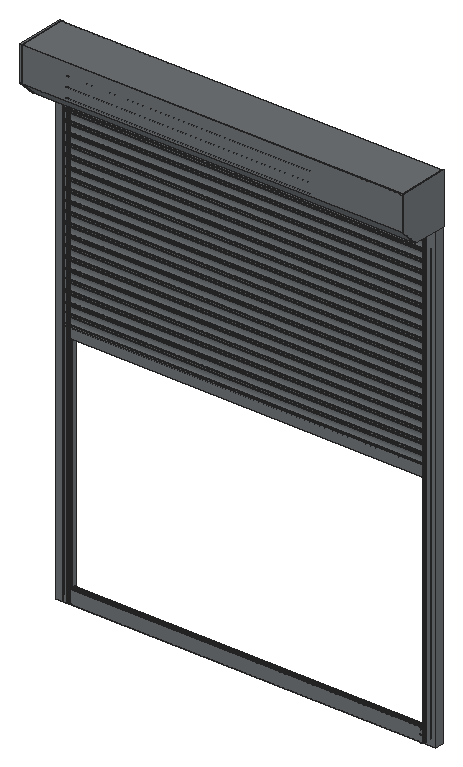
Revit family "Verano_RV40_GM_R21", category Generic Models, Revit 2021
Family settings
  Can host rebar = No
  Round Connector Dimension = Use Diameter
  Part Type = Normal
  Work Plane-Based = No
  Always vertical = Yes
  Cut with Voids When Loaded = No
  Shared = No
  Room Calculation Point = No
Parameters (values of type "RV40")
  Width Input [instance] = 1500 mm
  Width [instance] = Overall Width Constraint  # 1500 mm
  Warning - Width [instance] = if(or(Overall Width Constraint < Minimal Overall Width, Overall Width Constraint > Maximal Overall Width), 1 = 1, 1 = 0)  # no
  Warning - Size [instance] = if(and(Overall Height Constraint > 1300 mm, Overall Height Constraint < 1400 mm), 1 = 1, if(and(Overall Height Constraint > 1700 mm, Overall Height Constraint < 1800 mm), 1 = 1, if(and(Overall Height Constraint > 2100 mm, Overall Height Constraint < 2200 mm), 1 = 1, 1 = 0)))  # no
  Warning - Height [instance] = if(or(Overall Height Constraint < Minimal Overall Height, Overall Height Constraint > Maximal Overall Height), 1 = 1, 1 = 0)  # no
  URL = "https://verano.nl/catalogus/rolluiken"
  Overall Width Constraint [instance] = if(Width Input < Minimal Overall Width, Minimal Overall Width, if(Width Input > Maximal Overall Width, Maximal Overall Width, Width Input))  # 1500 mm
  Wall Offset [instance] = if(RAIL TYPE = 1, 12 mm, if(RAIL TYPE = 2, 20 mm, 50 mm))  # 12 mm
  Rail Length [instance] = Overall Height Constraint - 170 mm  # 1830 mm
  Rail Center [instance] = Wall Offset + 11 mm  # 23 mm
  RAIL TYPE = 1
  Parapet Height [instance] = 800 mm
  Overall Height Constraint [instance] = if(Height Input < Minimal Overall Height, Minimal Overall Height, if(Height Input > Maximal Overall Height, Maximal Overall Height, Height Input))  # 2000 mm
  Height Excluding Box [instance] = Overall Height Constraint - Box Size  # 1820 mm
  Closing Percentage Input ( 0-100%) [instance] = 50
  Number of Lamellen [instance] = (Closeness - 40 mm) / 40 mm + 1  # 22
  Note = "Handbediend of elektrisch"
  Model = "RV40"
  Minimal Overall Width [instance] = 1000 mm  # constant formula
  Minimal Overall Height [instance] = 1000 mm  # constant formula
  Maximal Overall Width [instance] = 3700 mm  # constant formula
  Maximal Overall Height [instance] = 3000 mm  # constant formula
  Manufacturer = "Verano Systems"
  Lamellen Width [instance] = Overall Width Constraint - 2 * 30 mm  # 1440 mm
  Single Lamelle Dimensions [instance] = "Width [40mm] * Thickness [8.7mm]"
  Hor. Rail Length [instance] = Overall Width Constraint - 2 * 53 mm  # 1394 mm
  Height Input [instance] = 2000 mm
  Height [instance] = Overall Height Constraint  # 2000 mm
  HWL 25 = RAIL TYPE = 2  # no
  HW 25 = RAIL TYPE = 1  # yes
  Frame Material [instance] = V_Antracite
  Default Elevation = 0 mm
  Closeness [instance] = (Rail Length - 40 mm) * [Closing Percentage Input ( 0-100%)] / 100  # 895 mm
  Cassette Width [instance] = Overall Width Constraint + 2 * 6 mm  # 1512 mm
  Cassette Height [instance] = 170 mm  # constant formula
  Box Size - 205 x 205 mm [instance] = if(Overall Height Constraint > 2199 mm, 1 = 1, 1 = 0)  # no
  Box Size - 180 x 180 mm [instance] = if(and(Overall Height Constraint > 1799 mm, Overall Height Constraint < 2101 mm), 1 = 1, 1 = 0)  # yes
  Box Size - 165 x 165 mm [instance] = if(and(Overall Height Constraint > 1399 mm, Overall Height Constraint < 1701 mm), 1 = 1, 1 = 0)  # no
  Box Size - 150 x 150 mm [instance] = if(Overall Height Constraint < 1301 mm, 1 = 1, 1 = 0)  # no
  Box Size [instance] = if([Box Size - 150 x 150 mm], 150 mm, if([Box Size - 165 x 165 mm], 165 mm, if([Box Size - 180 x 180 mm], 180 mm, 205 mm)))  # 180 mm
  Bottom Cassete Height [instance] = Parapet Height + Rail Length  # 2630 mm
Reference planes
  plane 1 "Center (Front/Back)": y = 0
  plane 2: z = 0
  plane 3 "Center (Left/Right)": x = 0
  plane 4: x = 750
  plane 5: x = -750
  plane 6: y = -23
  plane 7: z = 800
  plane 8 "Cassete Bottom": z = 2630
  plane 9: z = 1735
Dimensions and locks
  equal spacing: plane 5, plane 3 "Center (Left/Right)", plane 4
  "Overall Width Constraint": plane 5 to plane 4
  "Rail Center": plane 6 to plane 1 "Center (Front/Back)"
  "Parapet Height": plane 7 to plane 2
  "Rail Length": plane 8 "Cassete Bottom" to plane 7
  "Closeness": plane 8 "Cassete Bottom" to plane 9
  aligned and locked: level to plane 2
  aligned and locked: plane 4 to nested 1
  aligned and locked: plane 6 to nested 1
  aligned and locked: plane 5 to nested 2
  aligned and locked: nested 2 to plane 6
  aligned and locked: plane 4 to nested 3
  aligned and locked: plane 5 to nested 4
  aligned and locked: nested 4 to plane 6
  aligned and locked: plane 6 to nested 3
  aligned and locked: plane 4 to nested 5
  aligned and locked: plane 6 to nested 5
  aligned and locked: nested 6 to plane 6
  aligned and locked: plane 5 to nested 6
  aligned and locked: plane 3 "Center (Left/Right)" to nested 7
  aligned and locked: plane 6 to nested 7
  aligned and locked: plane 6 to nested 8
  aligned and locked: nested 8 to plane 9
  aligned and locked: plane 3 "Center (Left/Right)" to nested 8
  aligned and locked: plane 3 "Center (Left/Right)" to nested 9
  aligned and locked: plane 1 "Center (Front/Back)" to nested 9
  aligned and locked: plane 3 "Center (Left/Right)" to nested 10
  aligned and locked: plane 3 "Center (Left/Right)" to nested 11
  aligned and locked: plane 1 "Center (Front/Back)" to nested 11
  aligned and locked: plane 3 "Center (Left/Right)" to nested 12
  aligned and locked: plane 1 "Center (Front/Back)" to nested 12
Nested families
  nested 1: "HWL 25" at (750, -23, 800), visible <- "HWL 25", built-in parameter 1001360 <- "Parapet Height", type "HWL 25"
    with Length 1830 mm
  nested 2: "HWL 25" at (-750, -23, 800) x (-1, 0, 0) z (0, 0, 1), visible <- "HWL 25", built-in parameter 1001360 <- "Parapet Height", type "HWL 25"
    with Length 1830 mm
  nested 3: "H17" at (750, -23, 800), built-in parameter 1001360 <- "Parapet Height", type "H17", not visible
    with Length 1830 mm
  nested 4: "H17" at (-750, -23, 800) x (-1, 0, 0) z (0, 0, 1), built-in parameter 1001360 <- "Parapet Height", type "H17", not visible
    with Length 1830 mm
  nested 5: "HW 25" at (750, -23, 800), visible <- "HW 25", built-in parameter 1001360 <- "Parapet Height", type "HW 25"
    with Length 1830 mm
  nested 6: "HW 25" at (-750, -23, 800) x (-1, 0, 0) z (0, 0, 1), visible <- "HW 25", built-in parameter 1001360 <- "Parapet Height", type "HW 25"
    with Length 1830 mm
  nested 7: "H 25" at (0, -23, 800), built-in parameter 1001360 <- "Parapet Height", type "H 25"
    with Length 1394 mm
  nested 8: "Lamellen Array Grpup" at (0, -23, 1735), type "Lamellen Array Grpup"
    with Width 1440 mm, Number of Lamellen 22
  nested 9: "Box Size 150" at (0, 0, 2630), built-in parameter 1001360 <- "Bottom Cassete Height", visible <- "Box Size - 150 x 150 mm", type "Cassette_T1"
    with Length 1512 mm
  nested 10: "Box Size 165" at (0, 0, 2630), built-in parameter 1001360 <- "Bottom Cassete Height", visible <- "Box Size - 165 x 165 mm", type "Box Size 165"
    with Length 1512 mm
  nested 11: "Box Size 180" at (0, 0, 2630), visible <- "Box Size - 180 x 180 mm", built-in parameter 1001360 <- "Bottom Cassete Height", type "Box Size 180"
    with Length 1512 mm
  nested 12: "Box Size 205" at (0, 0, 2630), built-in parameter 1001360 <- "Bottom Cassete Height", visible <- "Box Size - 205 x 205 mm", type "Box Size 205"
    with Length 1512 mm
Definition of nested family "HWL 25"
  Parameters
    Length = 250 mm
    Frame Material = none
    Default Elevation = 0 mm
  Reference planes
    plane 1 "Center (Front/Back)": y = 0
    plane 2: z = 0
    plane 3 "Center (Left/Right)": x = 0
  Forms (mm)
    Extrusion 1, solid, material <- "Frame Material"
      sketch origin (0, 0, 0) x (1, 0, 0) y (0, 1, 0)
        loop
          line (0, 31) -> (-6.5, 31)
          arc (-6.5, 31) -> (-7, 30.5) -> (-6.5, 30) r 0.5
          line (-6.5, 30) -> (-1.5, 30)
          arc (-1.5, 30) -> (-1.146, 29.854) -> (-1, 29.5) r 0.5
          line (-1, 29.5) -> (-1, 12)
          arc (-1, 12) -> (-1.293, 11.293) -> (-2, 11) r 1
          line (-2, 11) -> (-51, 11)
          arc (-51, 11) -> (-51.707, 11.293) -> (-52, 12) r 1
          line (-52, 12) -> (-52, 29.5)
          arc (-52, 29.5) -> (-51.854, 29.854) -> (-51.5, 30) r 0.5
          line (-51.5, 30) -> (-46.5, 30)
          arc (-46.5, 30) -> (-46, 30.5) -> (-46.5, 31) r 0.5
          line (-46.5, 31) -> (-52.5, 31)
          arc (-52.5, 31) -> (-52.854, 30.854) -> (-53, 30.5) r 0.5
          line (-53, 30.5) -> (-53, 8.4)
          arc (-53, 8.4) -> (-52.707, 7.693) -> (-52, 7.4) r 1
          line (-52, 7.4) -> (-50, 7.4) -> (-50, 8.4) -> (-52, 8.4) -> (-52, 10) -> (-44, 10) -> (-44, 8.4) -> (-47, 8.4) -> (-47, 7.4) -> (-44, 7.4)
          arc (-44, 7.4) -> (-43.293, 7.693) -> (-43, 8.4) r 1
          line (-43, 8.4) -> (-43, 10) -> (-28, 10)
          arc (-28, 10) -> (-27.293, 9.707) -> (-27, 9) r 1
          line (-27, 9) -> (-27, -9)
          arc (-27, -9) -> (-27.293, -9.707) -> (-28, -10) r 1
          line (-28, -10) -> (-43, -10) -> (-43, -8.4)
          arc (-43, -8.4) -> (-43.293, -7.693) -> (-44, -7.4) r 1
          line (-44, -7.4) -> (-47, -7.4) -> (-47, -8.4) -> (-44, -8.4) -> (-44, -10) -> (-52, -10) -> (-52, -8.4) -> (-50, -8.4) -> (-50, -7.4) -> (-52, -7.4)
          arc (-52, -7.4) -> (-52.707, -7.693) -> (-53, -8.4) r 1
          line (-53, -8.4) -> (-53, -10)
          arc (-53, -10) -> (-52.707, -10.707) -> (-52, -11) r 1
          line (-52, -11) -> (0, -11) -> (0, 31)
      from 0 to 250 <- "Length"
  Dimensions and locks
    aligned and locked: level to plane 2
    aligned and locked: Extrusion 1 sketch curve to plane 3 "Center (Left/Right)"
Definition of nested family "H17"
  Parameters
    Length = 250 mm
    Frame Material = none
    Default Elevation = 0 mm
  Reference planes
    plane 1 "Center (Front/Back)": y = 0
    plane 2: z = 0
    plane 3 "Center (Left/Right)": x = 0
  Forms (mm)
    Extrusion 1, solid, material <- "Frame Material"
      sketch origin (0, 0, 0) x (1, 0, 0) y (0, 1, 0)
        loop
          line (0, 11) -> (-44, 11)
          arc (-44, 11) -> (-44.707, 10.707) -> (-45, 10) r 1
          line (-45, 10) -> (-45, 8.4)
          arc (-45, 8.4) -> (-44.707, 7.693) -> (-44, 7.4) r 1
          line (-44, 7.4) -> (-42, 7.4) -> (-42, 8.4) -> (-44, 8.4) -> (-44, 10) -> (-36, 10) -> (-36, 8.4) -> (-39, 8.4) -> (-39, 7.4) -> (-36, 7.4)
          arc (-36, 7.4) -> (-35.293, 7.693) -> (-35, 8.4) r 1
          line (-35, 8.4) -> (-35, 10) -> (-28, 10)
          arc (-28, 10) -> (-27.293, 9.707) -> (-27, 9) r 1
          line (-27, 9) -> (-27, -9)
          arc (-27, -9) -> (-27.293, -9.707) -> (-28, -10) r 1
          line (-28, -10) -> (-35, -10) -> (-35, -8.4)
          arc (-35, -8.4) -> (-35.293, -7.693) -> (-36, -7.4) r 1
          line (-36, -7.4) -> (-39, -7.4) -> (-39, -8.4) -> (-36, -8.4) -> (-36, -10) -> (-44, -10) -> (-44, -8.4) -> (-42, -8.4) -> (-42, -7.4) -> (-44, -7.4)
          arc (-44, -7.4) -> (-44.707, -7.693) -> (-45, -8.4) r 1
          line (-45, -8.4) -> (-45, -10)
          arc (-45, -10) -> (-44.707, -10.707) -> (-44, -11) r 1
          line (-44, -11) -> (0, -11) -> (0, 11)
      from 0 to 250 <- "Length"
  Dimensions and locks
    aligned and locked: level to plane 2
Definition of nested family "HW 25"
  Parameters
    Length = 250 mm
    Frame Material = none
    Default Elevation = 0 mm
  Reference planes
    plane 1 "Center (Front/Back)": y = 0
    plane 2: z = 0
    plane 3 "Center (Left/Right)": x = 0
  Forms (mm)
    Extrusion 1, solid, material <- "Frame Material"
      sketch origin (0, 0, 0) x (1, 0, 0) y (0, 1, 0)
        loop
          line (0, 23) -> (-6.5, 23)
          arc (-6.5, 23) -> (-7, 22.5) -> (-6.5, 22) r 0.5
          line (-6.5, 22) -> (-1.5, 22)
          arc (-1.5, 22) -> (-1.146, 21.854) -> (-1, 21.5) r 0.5
          line (-1, 21.5) -> (-1, 12)
          arc (-1, 12) -> (-1.293, 11.293) -> (-2, 11) r 1
          line (-2, 11) -> (-51, 11)
          arc (-51, 11) -> (-51.707, 11.293) -> (-52, 12) r 1
          line (-52, 12) -> (-52, 21.5)
          arc (-52, 21.5) -> (-51.854, 21.854) -> (-51.5, 22) r 0.5
          line (-51.5, 22) -> (-46.5, 22)
          arc (-46.5, 22) -> (-46, 22.5) -> (-46.5, 23) r 0.5
          line (-46.5, 23) -> (-53, 23) -> (-53, 8.4)
          arc (-53, 8.4) -> (-52.707, 7.693) -> (-52, 7.4) r 1
          line (-52, 7.4) -> (-50, 7.4) -> (-50, 8.4) -> (-52, 8.4) -> (-52, 10) -> (-44, 10) -> (-44, 8.4) -> (-47, 8.4) -> (-47, 7.4) -> (-44, 7.4)
          arc (-44, 7.4) -> (-43.293, 7.693) -> (-43, 8.4) r 1
          line (-43, 8.4) -> (-43, 10) -> (-28, 10)
          arc (-28, 10) -> (-27.293, 9.707) -> (-27, 9) r 1
          line (-27, 9) -> (-27, -9)
          arc (-27, -9) -> (-27.293, -9.707) -> (-28, -10) r 1
          line (-28, -10) -> (-43, -10) -> (-43, -8.4)
          arc (-43, -8.4) -> (-43.293, -7.693) -> (-44, -7.4) r 1
          line (-44, -7.4) -> (-47, -7.4) -> (-47, -8.4) -> (-44, -8.4) -> (-44, -10) -> (-52, -10) -> (-52, -8.4) -> (-50, -8.4) -> (-50, -7.4) -> (-52, -7.4)
          arc (-52, -7.4) -> (-52.707, -7.693) -> (-53, -8.4) r 1
          line (-53, -8.4) -> (-53, -10)
          arc (-53, -10) -> (-52.707, -10.707) -> (-52, -11) r 1
          line (-52, -11) -> (0, -11) -> (0, 23)
      from 0 to 250 <- "Length"
  Dimensions and locks
    aligned and locked: level to plane 2
    aligned and locked: Extrusion 1 sketch curve to plane 3 "Center (Left/Right)"
Definition of nested family "H 25"
  Parameters
    Length = 1000 mm
    Frame Material = none
    Default Elevation = 0 mm
  Reference planes
    plane 1 "Center (Front/Back)": y = 0
    plane 2: z = 0
    plane 3 "Center (Left/Right)": x = 0
    plane 4: x = 500
    plane 5: x = -500
  Forms (mm)
    Extrusion 1, solid, material <- "Frame Material"
      sketch origin (0, 0, 0) x (0, 1, 0) y (0, 0, 1)
        loop
          arc (-11, 0.5) -> (-10.854, 0.146) -> (-10.5, 0) r 0.5
          line (-10.5, 0) -> (10.5, 0)
          arc (10.5, 0) -> (10.854, 0.146) -> (11, 0.5) r 0.5
          line (11, 0.5) -> (11, 52)
          arc (11, 52) -> (10.707, 52.707) -> (10, 53) r 1
          line (10, 53) -> (8.4, 53)
          arc (8.4, 53) -> (7.693, 52.707) -> (7.4, 52) r 1
          line (7.4, 52) -> (7.4, 50) -> (8.4, 50) -> (8.4, 52) -> (10, 52) -> (10, 44) -> (8.4, 44) -> (8.4, 47) -> (7.4, 47) -> (7.4, 44)
          arc (7.4, 44) -> (7.693, 43.293) -> (8.4, 43) r 1
          line (8.4, 43) -> (10, 43) -> (10, 28)
          arc (10, 28) -> (9.707, 27.293) -> (9, 27) r 1
          line (9, 27) -> (-9, 27)
          arc (-9, 27) -> (-9.707, 27.293) -> (-10, 28) r 1
          line (-10, 28) -> (-10, 43) -> (-8.4, 43)
          arc (-8.4, 43) -> (-7.693, 43.293) -> (-7.4, 44) r 1
          line (-7.4, 44) -> (-7.4, 47) -> (-8.4, 47) -> (-8.4, 44) -> (-10, 44) -> (-10, 52) -> (-8.4, 52) -> (-8.4, 50) -> (-7.4, 50) -> (-7.4, 52)
          arc (-7.4, 52) -> (-7.693, 52.707) -> (-8.4, 53) r 1
          line (-8.4, 53) -> (-10, 53)
          arc (-10, 53) -> (-10.707, 52.707) -> (-11, 52) r 1
          line (-11, 52) -> (-11, 0.5)
      from -500 to 500
  Dimensions and locks
    equal spacing: plane 5, plane 3 "Center (Left/Right)", plane 4
    "Length": plane 5 to plane 4
    aligned and locked: level to plane 2
    aligned and locked: Extrusion 1 to plane 5
    aligned and locked: plane 4 to Extrusion 1
  Automatic sketch dimensions
    Extrusion 1 sketch curve to level = 0 mm
    level to Extrusion 1 sketch curve = 0.5 mm
    plane 1 "Center (Front/Back)" to Extrusion 1 sketch curve = 11 mm
    Extrusion 1 sketch curve to Extrusion 1 sketch curve = 1 mm  (x9)
    plane 1 "Center (Front/Back)" to Extrusion 1 sketch curve = 10 mm
    Extrusion 1 sketch curve to Extrusion 1 sketch curve = 0 mm  (x10)
    Extrusion 1 sketch curve to Extrusion 1 sketch curve = 1.6 mm  (x3)
    Extrusion 1 sketch curve to plane 1 "Center (Front/Back)" = 7.4 mm
    Extrusion 1 sketch curve to plane 1 "Center (Front/Back)" = 9 mm
    Extrusion 1 sketch curve to plane 1 "Center (Front/Back)" = 10.5 mm
    Extrusion 1 sketch curve to Extrusion 1 sketch curve = 26.5 mm
    Extrusion 1 sketch curve to Extrusion 1 sketch curve = 15 mm  (x2)
    Extrusion 1 sketch curve to Extrusion 1 sketch curve = 3 mm  (x4)
    Extrusion 1 sketch curve to Extrusion 1 sketch curve = 2 mm  (x2)
Definition of nested family "Lamellen Array Grpup"
  Parameters (values of type "Lamellen Array Grpup")
    Width = 1000 mm
    Number of Lamellen = 10
    Frame Material = none
    Default Elevation = 0 mm
  Reference planes
    plane 1 "Center (Front/Back)": y = 0
    plane 2: z = 0
    plane 3 "Center (Left/Right)": x = 0
    plane 4: x = 500
    plane 5: x = -500
    plane 6 "1": z = 40
    plane 7: z = 80
  Forms (mm)
    Extrusion 1, solid, material <- "Frame Material"
      sketch origin (0, 0, 0) x (0, 1, 0) y (0, 0, 1)
        loop
          line (-5, 35) -> (-5, 40) -> (-6, 40) -> (-6, 0) -> (6, 0) -> (6, 40) -> (5, 40) -> (5, 35) -> (-5, 35)
      from -500 to 500
  Dimensions and locks
    equal spacing: plane 5, plane 3 "Center (Left/Right)", plane 4
    "Width": plane 5 to plane 4
    locked: plane 6 "1" to level at 40
    locked: plane 7 to plane 6 "1" at 40
    equal spacing: group 1, group 2, group 3, group 4, group 5, group 6, group 7, group 8, group 9, group 10  (x3)
    aligned and locked: level to plane 2
    aligned and locked: Extrusion 1 to plane 5
    aligned and locked: plane 4 to Extrusion 1
    aligned and locked: plane 3 "Center (Left/Right)" to nested 1
    aligned and locked: plane 1 "Center (Front/Back)" to nested 1
    aligned and locked: plane 1 "Center (Front/Back)" to nested 2
    aligned and locked: plane 3 "Center (Left/Right)" to nested 2
  Automatic sketch dimensions
    plane 1 "Center (Front/Back)" to Extrusion 1 sketch curve = 5 mm
    Extrusion 1 sketch curve to Extrusion 1 sketch curve = 1 mm  (x2)
    Extrusion 1 sketch curve to plane 1 "Center (Front/Back)" = 5 mm
    Extrusion 1 sketch curve to plane 6 "1" = 5 mm
    Extrusion 1 sketch curve to plane 6 "1" = 0 mm  (x2)
    Extrusion 1 sketch curve to level = 0 mm
  Nested families
    nested 1: "Lamelle_T1" at (0, 0, 40), type "Lamelle_T1"
    nested 2: "Lamelle_T1" at (0, 0, 80), type "Lamelle_T1"
    nested 3: "Lamelle_T1" at (0, 0, 120), type "Lamelle_T1"
    nested 4: "Lamelle_T1" at (0, 0, 160), type "Lamelle_T1"
    nested 5: "Lamelle_T1" at (0, 0, 200), type "Lamelle_T1"
    nested 6: "Lamelle_T1" at (0, 0, 240), type "Lamelle_T1"
    nested 7: "Lamelle_T1" at (0, 0, 280), type "Lamelle_T1"
    nested 8: "Lamelle_T1" at (0, 0, 320), type "Lamelle_T1"
    nested 9: "Lamelle_T1" at (0, 0, 360), type "Lamelle_T1"
    nested 10: "Lamelle_T1" at (0, 0, 400), type "Lamelle_T1"
  Definition of nested family "Lamelle_T1"
    Parameters
      Length = 1000 mm
      Frame Material = none
      Default Elevation = 0 mm
    Reference planes
      plane 1 "Center (Front/Back)": y = 0
      plane 2: z = 0
      plane 3 "Center (Left/Right)": x = 0
      plane 4: x = 500
      plane 5: x = -500
      plane 6: x = -497
      plane 7: x = 497
    Forms (mm)
      Extrusion 1, solid, material <- "Frame Material"
        sketch origin (0, 0, 40) x (0, 1, 0) y (0, 0, 1)
          loop
            arc (-3.751, -5.712) -> (-0.139, -20.012) -> (-3.336, -34.41) r 31.944
            arc (-3.336, -34.41) -> (-4.398, -38.817) -> (-4.309, -43.35) r 17.765
            arc (-4.309, -43.35) -> (-3.146, -44.057) -> (-1.876, -43.568) r 1.543
            arc (-1.876, -43.568) -> (-1.917, -42.846) -> (-2.637, -42.916) r 0.501
            arc (-2.637, -42.916) -> (-3.051, -43.061) -> (-3.437, -42.853) r 0.543
            arc (-3.437, -42.853) -> (-3.797, -42.238) -> (-3.983, -41.549) r 2.696
            arc (-3.983, -41.549) -> (-3.924, -39.095) -> (-3.517, -36.675) r 17.265
            arc (-3.517, -36.675) -> (-2.672, -36.121) -> (-1.688, -35.892) r 2.887
            arc (-1.688, -35.892) -> (1.008, -36.932) -> (2.245, -39.543) r 3.892
            arc (2.245, -39.543) -> (2.126, -41.68) -> (1.763, -43.788) r 18.72
            arc (1.763, -43.788) -> (1.953, -44.129) -> (2.342, -44.147) r 0.401
            arc (2.342, -44.147) -> (4.882, -24.446) -> (3.377, -4.639) r 97.477
            line (3.377, -4.639) -> (2.362, -4.639)
            arc (2.362, -4.639) -> (1.655, -4.346) -> (1.362, -3.639) r 1
            line (1.362, -3.639) -> (1.362, -0.048)
            arc (1.362, -0.048) -> (-0.976, 2.362) -> (-3.362, 0) r 2.362
            arc (-3.362, 0) -> (-2.862, -0.5) -> (-2.362, 0) r 0.5
            arc (-2.362, 0) -> (-0.982, 1.362) -> (0.362, -0.037) r 1.362
            line (0.362, -0.037) -> (0.362, -4.349)
            arc (0.362, -4.349) -> (-1.483, -4.396) -> (-3.329, -4.418) r 137.986
            arc (-3.329, -4.418) -> (-3.95, -4.931) -> (-3.751, -5.712) r 0.752
        from -497 to 497
    Dimensions and locks
      equal spacing: plane 5, plane 3 "Center (Left/Right)", plane 4
      "Length": plane 5 to plane 4
      locked: plane 7 to plane 4 at 3
      locked: plane 5 to plane 6 at 3
      aligned and locked: level to plane 2
      aligned and locked: Extrusion 1 to plane 6
      aligned and locked: plane 7 to Extrusion 1
    Automatic sketch dimensions
      Extrusion 1 sketch curve to Extrusion 1 sketch curve = 0 mm  (x7)
      level to Extrusion 1 sketch curve = 40 mm
      level to Extrusion 1 sketch curve = 18.107 mm
      plane 1 "Center (Front/Back)" to Extrusion 1 sketch curve = 92.561 mm
      level to Extrusion 1 sketch curve = 19.526 mm
      plane 1 "Center (Front/Back)" to Extrusion 1 sketch curve = 32.08 mm
      plane 1 "Center (Front/Back)" to Extrusion 1 sketch curve = 16.475 mm
      plane 1 "Center (Front/Back)" to Extrusion 1 sketch curve = 4.074 mm
      plane 1 "Center (Front/Back)" to Extrusion 1 sketch curve = 3.235 mm
      plane 1 "Center (Front/Back)" to Extrusion 1 sketch curve = 3.008 mm
      Extrusion 1 sketch curve to Extrusion 1 sketch curve = 0.765 mm
      plane 1 "Center (Front/Back)" to Extrusion 1 sketch curve = 1.64 mm
      Extrusion 1 sketch curve to Extrusion 1 sketch curve = 0.104 mm
      plane 1 "Center (Front/Back)" to Extrusion 1 sketch curve = 1.31 mm
      plane 1 "Center (Front/Back)" to Extrusion 1 sketch curve = 1 mm
      Extrusion 1 sketch curve to plane 1 "Center (Front/Back)" = 0.362 mm
      Extrusion 1 sketch curve to Extrusion 1 sketch curve = 1 mm  (x2)
      Extrusion 1 sketch curve to plane 1 "Center (Front/Back)" = 2.164 mm
      Extrusion 1 sketch curve to Extrusion 1 sketch curve = 1.015 mm
      Extrusion 1 sketch curve to Extrusion 1 sketch curve = 11.099 mm
      Extrusion 1 sketch curve to Extrusion 1 sketch curve = 18.302 mm
      Extrusion 1 sketch curve to Extrusion 1 sketch curve = 0.796 mm
      Extrusion 1 sketch curve to Extrusion 1 sketch curve = 1.009 mm
      Extrusion 1 sketch curve to Extrusion 1 sketch curve = 1.964 mm
      Extrusion 1 sketch curve to Extrusion 1 sketch curve = 1.412 mm
      Extrusion 1 sketch curve to Extrusion 1 sketch curve = 1.323 mm
      Extrusion 1 sketch curve to Extrusion 1 sketch curve = 0.708 mm
      Extrusion 1 sketch curve to Extrusion 1 sketch curve = 2.592 mm
      level to Extrusion 1 sketch curve = 34.835 mm
      level to Extrusion 1 sketch curve = 35.361 mm
      Extrusion 1 sketch curve to Extrusion 1 sketch curve = 0.71 mm
      level to Extrusion 1 sketch curve = 173.566 mm
      Extrusion 1 sketch curve to Extrusion 1 sketch curve = 1.301 mm
      Extrusion 1 sketch curve to Extrusion 1 sketch curve = 0.975 mm
      Extrusion 1 sketch curve to Extrusion 1 sketch curve = 0.516 mm
      Extrusion 1 sketch curve to Extrusion 1 sketch curve = 1.981 mm
      Extrusion 1 sketch curve to Extrusion 1 sketch curve = 0.429 mm
      Extrusion 1 sketch curve to Extrusion 1 sketch curve = 0.181 mm
      Extrusion 1 sketch curve to Extrusion 1 sketch curve = 0.094 mm
      Extrusion 1 sketch curve to Extrusion 1 sketch curve = 0.393 mm
      plane 1 "Center (Front/Back)" to Extrusion 1 sketch curve = 1.688 mm
      Extrusion 1 sketch curve to Extrusion 1 sketch curve = 0.401 mm
      Extrusion 1 sketch curve to Extrusion 1 sketch curve = 1.862 mm
      level to Extrusion 1 sketch curve = 39.952 mm
      level to Extrusion 1 sketch curve = 39.963 mm
Definition of nested family "Box Size 150"
  Parameters (values of type "Cassette_T1")
    Length = 2000 mm
    Rail Center = 23 mm
    Frame Material = none
    Default Elevation = 0 mm
  Reference planes
    plane 1 "Center (Front/Back)": y = 0
    plane 2: z = 0
    plane 3 "Center (Left/Right)": x = 0
    plane 4: x = -1000
    plane 5: x = 1000
    plane 6: y = -23
    plane 7: x = 994
    plane 8: x = -994
  Forms (mm)
    Extrusion 1, solid, material <- "Frame Material"
      sketch origin (0, 0, 0) x (0, 1, 0) y (0, 0, 1)
        loop
          line (-51, 0) -> (-51, 6) -> (-13, 6) -> (-13, 2.5) -> (-5.5, 2.5) -> (-5.5, 166.5)
          arc (-5.5, 166.5) -> (-6.086, 167.914) -> (-7.5, 168.5) r 2
          line (-7.5, 168.5) -> (-168.5, 168.5)
          arc (-168.5, 168.5) -> (-169.914, 167.914) -> (-170.5, 166.5) r 2
          line (-170.5, 166.5) -> (-170.5, 45.962) -> (-124.538, 0) -> (-51, 0)
      from -994 to 994
    Extrusion 2, solid, material <- "Frame Material"
      sketch origin (0, 0, 0) x (0, 1, 0) y (0, 0, 1)
        loop
          line (-124.538, 0) -> (-15, 0) -> (-15, -1.5) -> (-7.5, -1.5)
          arc (-7.5, -1.5) -> (-6.086, -0.914) -> (-5.5, 0.5) r 2
          line (-5.5, 0.5) -> (-5.5, 168.5) -> (-170.5, 168.5) -> (-170.5, 45.962) -> (-124.538, 0)
      from 994 to 1000
    Extrusion 3, solid, material <- "Frame Material"
      sketch origin (0, 0, 0) x (0, 1, 0) y (0, 0, -1)
        loop
          line (-124.538, 0) -> (-170.5, -45.962) -> (-170.5, -168.5) -> (-5.5, -168.5) -> (-5.5, -0.5)
          arc (-5.5, -0.5) -> (-6.086, 0.914) -> (-7.5, 1.5) r 2
          line (-7.5, 1.5) -> (-15, 1.5) -> (-15, 0) -> (-124.538, 0)
      from 994 to 1000
  Dimensions and locks
    equal spacing: plane 4, plane 3 "Center (Left/Right)", plane 5
    "Length": plane 4 to plane 5
    "Rail Center": plane 6 to plane 1 "Center (Front/Back)"
    locked: plane 4 to plane 8 at 6
    locked: plane 7 to plane 5 at 6
    aligned and locked: level to plane 2
    aligned and locked: level to Extrusion 1 sketch curve
    aligned and locked: Extrusion 1 to plane 8
    aligned and locked: plane 7 to Extrusion 1
    aligned and locked: level to Extrusion 2 sketch curve
    aligned and locked: Extrusion 2 sketch curve to Extrusion 1  (x2)
    aligned and locked: plane 8 to Extrusion 3
    aligned and locked: Extrusion 3 to plane 4
    aligned and locked: Extrusion 2 to plane 7
    aligned and locked: plane 5 to Extrusion 2
    aligned and locked: Extrusion 3 sketch curve to Extrusion 2
    aligned and locked: Extrusion 3 to plane 8
    aligned and locked: plane 7 to Extrusion 2
    aligned and locked: Extrusion 2 to plane 5
    aligned and locked: plane 4 to Extrusion 3
  Automatic sketch dimensions
    plane 6 to Extrusion 1 sketch curve = 147.5 mm
    level to Extrusion 1 sketch curve = 45.962 mm
    Extrusion 1 sketch curve to Extrusion 1 sketch curve = 2 mm  (x2)
    Extrusion 1 sketch curve to Extrusion 1 sketch curve = 38 mm
    level to Extrusion 1 sketch curve = 2.5 mm
    Extrusion 1 sketch curve to Extrusion 1 sketch curve = 3.5 mm
    Extrusion 2 sketch curve to Extrusion 2 sketch curve = 45.962 mm
    Extrusion 2 sketch curve to level = 1.5 mm
    Extrusion 2 sketch curve to plane 6 = 8 mm
    level to Extrusion 2 sketch curve = 0.5 mm
    level to Extrusion 2 sketch curve = 45.962 mm
    Extrusion 3 sketch curve to level = 0 mm
    level to Extrusion 3 sketch curve = 45.962 mm
    plane 6 to Extrusion 3 sketch curve = 147.5 mm
    Extrusion 3 sketch curve to Extrusion 3 sketch curve = 45.962 mm
    Extrusion 3 sketch curve to level = 1.5 mm
    level to Extrusion 3 sketch curve = 0.5 mm
    plane 1 "Center (Front/Back)" to Extrusion 3 sketch curve = 7.5 mm
    Extrusion 3 sketch curve to Extrusion 3 sketch curve = 122.538 mm
    plane 1 "Center (Front/Back)" to Extrusion 2 sketch curve = 7.5 mm
    plane 1 "Center (Front/Back)" to Extrusion 1 sketch curve = 7.5 mm
    Extrusion 1 sketch curve to Extrusion 1 sketch curve = 45.962 mm
    Extrusion 1 sketch curve to Extrusion 1 sketch curve = 120.538 mm
    plane 6 to Extrusion 1 sketch curve = 28 mm
Definition of nested family "Box Size 165"
  Parameters (values of type "Box Size 165")
    Length = 2000 mm
    Rail Center = 23 mm
    Frame Material = none
    Default Elevation = 0 mm
  Reference planes
    plane 1 "Center (Front/Back)": y = 0
    plane 2: z = 0
    plane 3 "Center (Left/Right)": x = 0
    plane 4: x = -1000
    plane 5: x = 1000
    plane 6: y = -23
    plane 7: x = 994
    plane 8: x = -994
  Forms (mm)
    Extrusion 1, solid, material <- "Frame Material"
      sketch origin (0, 0, 0) x (0, 1, 0) y (0, 0, 1)
        loop
          line (-51, 0) -> (-51, 6) -> (-13, 6) -> (-13, 2.5) -> (-5.5, 2.5) -> (-5.5, 181.5)
          arc (-5.5, 181.5) -> (-6.086, 182.914) -> (-7.5, 183.5) r 2
          line (-7.5, 183.5) -> (-183.5, 183.5)
          arc (-183.5, 183.5) -> (-184.914, 182.914) -> (-185.5, 181.5) r 2
          line (-185.5, 181.5) -> (-185.5, 45.962) -> (-139.538, 0) -> (-51, 0)
      from -994 to 994
    Extrusion 2, solid, material <- "Frame Material"
      sketch origin (0, 0, 0) x (0, 1, 0) y (0, 0, 1)
        loop
          line (-139.538, 0) -> (-15, 0) -> (-15, -1.5) -> (-7.5, -1.5)
          arc (-7.5, -1.5) -> (-6.086, -0.914) -> (-5.5, 0.5) r 2
          line (-5.5, 0.5) -> (-5.5, 183.5) -> (-185.5, 183.5) -> (-185.5, 45.962) -> (-139.538, 0)
      from 994 to 1000
    Extrusion 3, solid, material <- "Frame Material"
      sketch origin (0, 0, 0) x (0, 1, 0) y (0, 0, -1)
        loop
          line (-139.538, 0) -> (-185.5, -45.962) -> (-185.5, -183.5) -> (-5.5, -183.5) -> (-5.5, -0.5)
          arc (-5.5, -0.5) -> (-6.086, 0.914) -> (-7.5, 1.5) r 2
          line (-7.5, 1.5) -> (-15, 1.5) -> (-15, 0) -> (-139.538, 0)
      from 994 to 1000
  Dimensions and locks
    equal spacing: plane 4, plane 3 "Center (Left/Right)", plane 5
    "Length": plane 4 to plane 5
    "Rail Center": plane 6 to plane 1 "Center (Front/Back)"
    locked: plane 4 to plane 8 at 6
    locked: plane 7 to plane 5 at 6
    aligned and locked: level to plane 2
    aligned and locked: level to Extrusion 1 sketch curve
    aligned and locked: Extrusion 1 to plane 8
    aligned and locked: plane 7 to Extrusion 1
    aligned and locked: level to Extrusion 2 sketch curve
    aligned and locked: plane 8 to Extrusion 3
    aligned and locked: Extrusion 3 to plane 4
    aligned and locked: Extrusion 2 to plane 7
    aligned and locked: plane 5 to Extrusion 2
    aligned and locked: Extrusion 3 sketch curve to Extrusion 2
    aligned and locked: Extrusion 3 to plane 8
    aligned and locked: plane 7 to Extrusion 2
    aligned and locked: Extrusion 2 to plane 5
    aligned and locked: plane 4 to Extrusion 3
    aligned and locked: Extrusion 1 sketch curve to Extrusion 2
    aligned and locked: Extrusion 3 sketch curve to Extrusion 1
  Automatic sketch dimensions
    Extrusion 1 sketch curve to Extrusion 1 sketch curve = 2 mm  (x2)
    Extrusion 1 sketch curve to Extrusion 1 sketch curve = 38 mm
    level to Extrusion 1 sketch curve = 2.5 mm
    Extrusion 1 sketch curve to Extrusion 1 sketch curve = 3.5 mm
    Extrusion 2 sketch curve to Extrusion 2 sketch curve = 45.962 mm
    Extrusion 2 sketch curve to level = 1.5 mm
    Extrusion 2 sketch curve to plane 6 = 8 mm
    level to Extrusion 2 sketch curve = 0.5 mm
    level to Extrusion 2 sketch curve = 45.962 mm
    Extrusion 3 sketch curve to level = 0 mm
    level to Extrusion 3 sketch curve = 45.962 mm
    Extrusion 3 sketch curve to level = 1.5 mm
    level to Extrusion 3 sketch curve = 0.5 mm
    plane 1 "Center (Front/Back)" to Extrusion 3 sketch curve = 7.5 mm
    Extrusion 3 sketch curve to Extrusion 3 sketch curve = 137.538 mm
    plane 1 "Center (Front/Back)" to Extrusion 2 sketch curve = 7.5 mm
    plane 1 "Center (Front/Back)" to Extrusion 1 sketch curve = 7.5 mm
    Extrusion 1 sketch curve to Extrusion 1 sketch curve = 45.962 mm
    Extrusion 1 sketch curve to Extrusion 1 sketch curve = 135.538 mm
    plane 6 to Extrusion 1 sketch curve = 28 mm
    Extrusion 2 sketch curve to Extrusion 2 sketch curve = 137.538 mm
    plane 6 to Extrusion 2 sketch curve = 116.538 mm
Definition of nested family "Box Size 180"
  Parameters (values of type "Box Size 180")
    Length = 2000 mm
    Rail Center = 23 mm
    Frame Material = none
    Default Elevation = 0 mm
  Reference planes
    plane 1 "Center (Front/Back)": y = 0
    plane 2: z = 0
    plane 3 "Center (Left/Right)": x = 0
    plane 4: x = -1000
    plane 5: x = 1000
    plane 6: y = -23
    plane 7: x = 994
    plane 8: x = -994
  Forms (mm)
    Extrusion 1, solid, material <- "Frame Material"
      sketch origin (0, 0, 0) x (0, 1, 0) y (0, 0, 1)
        loop
          line (-51, 0) -> (-51, 6) -> (-13, 6) -> (-13, 2.5) -> (-5.5, 2.5) -> (-5.5, 196.5)
          arc (-5.5, 196.5) -> (-6.086, 197.914) -> (-7.5, 198.5) r 2
          line (-7.5, 198.5) -> (-198.5, 198.5)
          arc (-198.5, 198.5) -> (-199.914, 197.914) -> (-200.5, 196.5) r 2
          line (-200.5, 196.5) -> (-200.5, 60.962) -> (-139.538, 0) -> (-51, 0)
      from -994 to 994
    Extrusion 2, solid, material <- "Frame Material"
      sketch origin (0, 0, 0) x (0, 1, 0) y (0, 0, 1)
        loop
          line (-139.538, 0) -> (-15, 0) -> (-15, -1.5) -> (-7.5, -1.5)
          arc (-7.5, -1.5) -> (-6.086, -0.914) -> (-5.5, 0.5) r 2
          line (-5.5, 0.5) -> (-5.5, 198.5) -> (-200.5, 198.5) -> (-200.5, 60.962) -> (-139.538, 0)
      from 994 to 1000
    Extrusion 3, solid, material <- "Frame Material"
      sketch origin (0, 0, 0) x (0, 1, 0) y (0, 0, -1)
        loop
          line (-139.538, 0) -> (-200.5, -60.962) -> (-200.5, -198.5) -> (-5.5, -198.5) -> (-5.5, -0.5)
          arc (-5.5, -0.5) -> (-6.086, 0.914) -> (-7.5, 1.5) r 2
          line (-7.5, 1.5) -> (-15, 1.5) -> (-15, 0) -> (-139.538, 0)
      from 994 to 1000
  Dimensions and locks
    equal spacing: plane 4, plane 3 "Center (Left/Right)", plane 5
    "Length": plane 4 to plane 5
    "Rail Center": plane 6 to plane 1 "Center (Front/Back)"
    locked: plane 4 to plane 8 at 6
    locked: plane 7 to plane 5 at 6
    aligned and locked: level to plane 2
    aligned and locked: level to Extrusion 1 sketch curve
    aligned and locked: Extrusion 1 to plane 8
    aligned and locked: plane 7 to Extrusion 1
    aligned and locked: level to Extrusion 2 sketch curve
    aligned and locked: plane 8 to Extrusion 3
    aligned and locked: Extrusion 3 to plane 4
    aligned and locked: Extrusion 2 to plane 7
    aligned and locked: plane 5 to Extrusion 2
    aligned and locked: Extrusion 3 sketch curve to Extrusion 2
    aligned and locked: Extrusion 3 to plane 8
    aligned and locked: plane 7 to Extrusion 2
    aligned and locked: Extrusion 2 to plane 5
    aligned and locked: plane 4 to Extrusion 3
    aligned and locked: Extrusion 1 sketch curve to Extrusion 2
    aligned and locked: Extrusion 3 sketch curve to Extrusion 1
  Automatic sketch dimensions
    Extrusion 1 sketch curve to Extrusion 1 sketch curve = 2 mm  (x2)
    Extrusion 1 sketch curve to Extrusion 1 sketch curve = 38 mm
    level to Extrusion 1 sketch curve = 2.5 mm
    Extrusion 1 sketch curve to Extrusion 1 sketch curve = 3.5 mm
    Extrusion 2 sketch curve to Extrusion 2 sketch curve = 60.962 mm
    Extrusion 2 sketch curve to level = 1.5 mm
    Extrusion 2 sketch curve to plane 6 = 8 mm
    level to Extrusion 2 sketch curve = 0.5 mm
    level to Extrusion 2 sketch curve = 60.962 mm
    Extrusion 3 sketch curve to level = 0 mm
    level to Extrusion 3 sketch curve = 60.962 mm
    Extrusion 3 sketch curve to level = 1.5 mm
    level to Extrusion 3 sketch curve = 0.5 mm
    plane 1 "Center (Front/Back)" to Extrusion 3 sketch curve = 7.5 mm
    Extrusion 3 sketch curve to Extrusion 3 sketch curve = 137.538 mm
    plane 1 "Center (Front/Back)" to Extrusion 2 sketch curve = 7.5 mm
    plane 1 "Center (Front/Back)" to Extrusion 1 sketch curve = 7.5 mm
    Extrusion 1 sketch curve to Extrusion 1 sketch curve = 60.962 mm
    Extrusion 1 sketch curve to Extrusion 1 sketch curve = 135.538 mm
    plane 6 to Extrusion 1 sketch curve = 28 mm
    Extrusion 2 sketch curve to Extrusion 2 sketch curve = 137.538 mm
    plane 6 to Extrusion 2 sketch curve = 116.538 mm
Definition of nested family "Box Size 205"
  Parameters (values of type "Box Size 205")
    Length = 2000 mm
    Rail Center = 23 mm
    Frame Material = none
    Default Elevation = 0 mm
  Reference planes
    plane 1 "Center (Front/Back)": y = 0
    plane 2: z = 0
    plane 3 "Center (Left/Right)": x = 0
    plane 4: x = -1000
    plane 5: x = 1000
    plane 6: y = -23
    plane 7: x = 994
    plane 8: x = -994
  Forms (mm)
    Extrusion 1, solid, material <- "Frame Material"
      sketch origin (0, 0, 0) x (0, 1, 0) y (0, 0, 1)
        loop
          line (-51, 0) -> (-51, 6) -> (-13, 6) -> (-13, 2.5) -> (-5.5, 2.5) -> (-5.5, 211.5)
          arc (-5.5, 211.5) -> (-6.086, 212.914) -> (-7.5, 213.5) r 2
          line (-7.5, 213.5) -> (-213.5, 213.5)
          arc (-213.5, 213.5) -> (-214.914, 212.914) -> (-215.5, 211.5) r 2
          line (-215.5, 211.5) -> (-215.5, 75.962) -> (-139.538, 0) -> (-51, 0)
      from -994 to 994
    Extrusion 2, solid, material <- "Frame Material"
      sketch origin (0, 0, 0) x (0, 1, 0) y (0, 0, 1)
        loop
          line (-139.538, 0) -> (-15, 0) -> (-15, -1.5) -> (-7.5, -1.5)
          arc (-7.5, -1.5) -> (-6.086, -0.914) -> (-5.5, 0.5) r 2
          line (-5.5, 0.5) -> (-5.5, 213.5) -> (-215.5, 213.5) -> (-215.5, 75.962) -> (-139.538, 0)
      from 994 to 1000
    Extrusion 3, solid, material <- "Frame Material"
      sketch origin (0, 0, 0) x (0, 1, 0) y (0, 0, -1)
        loop
          line (-139.538, 0) -> (-215.5, -75.962) -> (-215.5, -213.5) -> (-5.5, -213.5) -> (-5.5, -0.5)
          arc (-5.5, -0.5) -> (-6.086, 0.914) -> (-7.5, 1.5) r 2
          line (-7.5, 1.5) -> (-15, 1.5) -> (-15, 0) -> (-139.538, 0)
      from 994 to 1000
  Dimensions and locks
    equal spacing: plane 4, plane 3 "Center (Left/Right)", plane 5
    "Length": plane 4 to plane 5
    "Rail Center": plane 6 to plane 1 "Center (Front/Back)"
    locked: plane 4 to plane 8 at 6
    locked: plane 7 to plane 5 at 6
    aligned and locked: level to plane 2
    aligned and locked: level to Extrusion 1 sketch curve
    aligned and locked: Extrusion 1 to plane 8
    aligned and locked: plane 7 to Extrusion 1
    aligned and locked: level to Extrusion 2 sketch curve
    aligned and locked: plane 8 to Extrusion 3
    aligned and locked: Extrusion 3 to plane 4
    aligned and locked: Extrusion 2 to plane 7
    aligned and locked: plane 5 to Extrusion 2
    aligned and locked: Extrusion 3 sketch curve to Extrusion 2
    aligned and locked: Extrusion 3 to plane 8
    aligned and locked: plane 7 to Extrusion 2
    aligned and locked: Extrusion 2 to plane 5
    aligned and locked: plane 4 to Extrusion 3
    aligned and locked: Extrusion 1 sketch curve to Extrusion 2
    aligned and locked: Extrusion 3 sketch curve to Extrusion 1
  Automatic sketch dimensions
    Extrusion 1 sketch curve to Extrusion 1 sketch curve = 2 mm  (x2)
    Extrusion 1 sketch curve to Extrusion 1 sketch curve = 38 mm
    level to Extrusion 1 sketch curve = 2.5 mm
    Extrusion 1 sketch curve to Extrusion 1 sketch curve = 3.5 mm
    Extrusion 2 sketch curve to Extrusion 2 sketch curve = 75.962 mm
    Extrusion 2 sketch curve to level = 1.5 mm
    Extrusion 2 sketch curve to plane 6 = 8 mm
    level to Extrusion 2 sketch curve = 0.5 mm
    level to Extrusion 2 sketch curve = 75.962 mm
    Extrusion 3 sketch curve to level = 0 mm
    level to Extrusion 3 sketch curve = 75.962 mm
    Extrusion 3 sketch curve to level = 1.5 mm
    level to Extrusion 3 sketch curve = 0.5 mm
    plane 1 "Center (Front/Back)" to Extrusion 3 sketch curve = 7.5 mm
    Extrusion 3 sketch curve to Extrusion 3 sketch curve = 137.538 mm
    plane 1 "Center (Front/Back)" to Extrusion 2 sketch curve = 7.5 mm
    plane 1 "Center (Front/Back)" to Extrusion 1 sketch curve = 7.5 mm
    Extrusion 1 sketch curve to Extrusion 1 sketch curve = 75.962 mm
    Extrusion 1 sketch curve to Extrusion 1 sketch curve = 135.538 mm
    plane 6 to Extrusion 1 sketch curve = 28 mm
    Extrusion 2 sketch curve to Extrusion 2 sketch curve = 137.538 mm
    plane 6 to Extrusion 2 sketch curve = 116.538 mm
